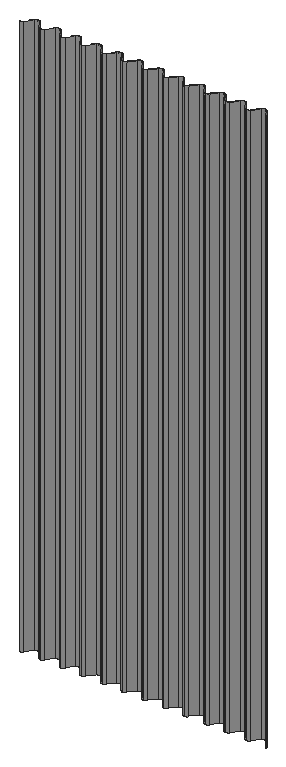
Revit family "Перфорированная панель", category Обобщенные модели, Revit 2021
Family settings
  Может служить основой для арматурных стержней = Нет
  Размер круглого соединителя = Использовать диаметр
  Тип детали = Нормальный
  На основе рабочей плоскости = Нет
  Всегда вертикально = Да
  При загрузке вырезать с полостями = Нет
  Общий = Нет
  Точка принадлежности помещению = Нет
Parameters (values of type "44 мм")
  Ширина = 1100 mm
  Т = 18 mm
  Отметка по умолчанию = 0 mm
  Материал = Перфорированный
  Высота [instance] = 2520 mm
  44мм = yes
  32мм = no
  18мм = no
Reference planes
  plane 1 "По центру (Вперед/Назад)": y = 0
  plane 2: z = 0
  plane 3 "По центру (Влево/Вправо)": x = 0
  plane 4: y = 18
  plane 5: y = 9
  plane 6 "Опора": y = 84.806
  plane 7: z = 2520
  plane 8: x = 1100
  plane 9: x = 1100
  plane 10: x = 1150
Forms (mm)
  Extrusion 1, solid, material "Перфорированный" <- "Материал", visible <- "18мм"
    sketch origin (0, 0, 0) x (1, 0, 0) y (0, 1, 0)
      loop
        line (76.158, 5.525) -> (63.536, 13.757)
        arc (63.536, 13.757) -> (46, 18.97) -> (28.464, 13.757) r 32.102
        line (28.464, 13.757) -> (15.842, 5.525)
        arc (15.842, 5.525) -> (8.263, 2.018) -> (0, 0.816) r 29
        line (0, 0.816) -> (0, -0.184)
        arc (0, -0.184) -> (8.548, 1.06) -> (16.388, 4.688) r 30
        line (16.388, 4.688) -> (29.01, 12.919)
        arc (29.01, 12.919) -> (46, 17.97) -> (62.99, 12.919) r 31.102
        line (62.99, 12.919) -> (75.612, 4.688)
        arc (75.612, 4.688) -> (83.452, 1.06) -> (92, -0.184) r 30
        arc (92, -0.184) -> (100.548, 1.06) -> (108.388, 4.688) r 30
        line (108.388, 4.688) -> (121.01, 12.919)
        arc (121.01, 12.919) -> (138, 17.97) -> (154.99, 12.919) r 31.102
        line (154.99, 12.919) -> (167.612, 4.688)
        arc (167.612, 4.688) -> (175.452, 1.06) -> (184, -0.184) r 30
        arc (184, -0.184) -> (192.548, 1.06) -> (200.388, 4.688) r 30
        line (200.388, 4.688) -> (213.01, 12.919)
        arc (213.01, 12.919) -> (230, 17.97) -> (246.99, 12.919) r 31.102
        line (246.99, 12.919) -> (259.612, 4.688)
        arc (259.612, 4.688) -> (267.452, 1.06) -> (276, -0.184) r 30
        arc (276, -0.184) -> (284.548, 1.06) -> (292.388, 4.688) r 30
        line (292.388, 4.688) -> (305.01, 12.919)
        arc (305.01, 12.919) -> (322, 17.97) -> (338.99, 12.919) r 31.102
        line (338.99, 12.919) -> (351.612, 4.688)
        arc (351.612, 4.688) -> (359.452, 1.06) -> (368, -0.184) r 30
        arc (368, -0.184) -> (376.548, 1.06) -> (384.388, 4.688) r 30
        line (384.388, 4.688) -> (397.01, 12.919)
        arc (397.01, 12.919) -> (414, 17.97) -> (430.99, 12.919) r 31.102
        line (430.99, 12.919) -> (443.612, 4.688)
        arc (443.612, 4.688) -> (451.452, 1.06) -> (460, -0.184) r 30
        arc (460, -0.184) -> (468.548, 1.06) -> (476.388, 4.688) r 30
        line (476.388, 4.688) -> (489.01, 12.919)
        arc (489.01, 12.919) -> (506, 17.97) -> (522.99, 12.919) r 31.102
        line (522.99, 12.919) -> (535.612, 4.688)
        arc (535.612, 4.688) -> (543.452, 1.06) -> (552, -0.184) r 30
        arc (552, -0.184) -> (560.548, 1.06) -> (568.388, 4.688) r 30
        line (568.388, 4.688) -> (581.01, 12.919)
        arc (581.01, 12.919) -> (598, 17.97) -> (614.99, 12.919) r 31.102
        line (614.99, 12.919) -> (627.612, 4.688)
        arc (627.612, 4.688) -> (635.452, 1.06) -> (644, -0.184) r 30
        arc (644, -0.184) -> (652.548, 1.06) -> (660.388, 4.688) r 30
        line (660.388, 4.688) -> (673.01, 12.919)
        arc (673.01, 12.919) -> (690, 17.97) -> (706.99, 12.919) r 31.102
        line (706.99, 12.919) -> (719.612, 4.688)
        arc (719.612, 4.688) -> (727.452, 1.06) -> (736, -0.184) r 30
        arc (736, -0.184) -> (744.548, 1.06) -> (752.388, 4.688) r 30
        line (752.388, 4.688) -> (765.01, 12.919)
        arc (765.01, 12.919) -> (782, 17.97) -> (798.99, 12.919) r 31.102
        line (798.99, 12.919) -> (811.612, 4.688)
        arc (811.612, 4.688) -> (819.452, 1.06) -> (828, -0.184) r 30
        arc (828, -0.184) -> (836.548, 1.06) -> (844.388, 4.688) r 30
        line (844.388, 4.688) -> (857.01, 12.919)
        arc (857.01, 12.919) -> (874, 17.97) -> (890.99, 12.919) r 31.102
        line (890.99, 12.919) -> (903.612, 4.688)
        arc (903.612, 4.688) -> (911.452, 1.06) -> (920, -0.184) r 30
        arc (920, -0.184) -> (928.548, 1.06) -> (936.388, 4.688) r 30
        line (936.388, 4.688) -> (949.01, 12.919)
        arc (949.01, 12.919) -> (966, 17.97) -> (982.99, 12.919) r 31.102
        line (982.99, 12.919) -> (995.612, 4.688)
        arc (995.612, 4.688) -> (1003.452, 1.06) -> (1012, -0.184) r 30
        arc (1012, -0.184) -> (1020.548, 1.06) -> (1028.388, 4.688) r 30
        line (1028.388, 4.688) -> (1041.01, 12.919)
        arc (1041.01, 12.919) -> (1058, 17.97) -> (1074.99, 12.919) r 31.102
        line (1074.99, 12.919) -> (1087.612, 4.688)
        arc (1087.612, 4.688) -> (1093.549, 1.695) -> (1100, 0.084) r 30
        line (1100, 0.084) -> (1100, 1.093)
        arc (1100, 1.093) -> (1093.835, 2.656) -> (1088.158, 5.525) r 29
        line (1088.158, 5.525) -> (1075.536, 13.757)
        arc (1075.536, 13.757) -> (1058, 18.97) -> (1040.464, 13.757) r 32.102
        line (1040.464, 13.757) -> (1027.842, 5.525)
        arc (1027.842, 5.525) -> (1020.263, 2.018) -> (1012, 0.816) r 29
        arc (1012, 0.816) -> (1003.737, 2.018) -> (996.158, 5.525) r 29
        line (996.158, 5.525) -> (983.536, 13.757)
        arc (983.536, 13.757) -> (966, 18.97) -> (948.464, 13.757) r 32.102
        line (948.464, 13.757) -> (935.842, 5.525)
        arc (935.842, 5.525) -> (928.263, 2.018) -> (920, 0.816) r 29
        arc (920, 0.816) -> (911.737, 2.018) -> (904.158, 5.525) r 29
        line (904.158, 5.525) -> (891.536, 13.757)
        arc (891.536, 13.757) -> (874, 18.97) -> (856.464, 13.757) r 32.102
        line (856.464, 13.757) -> (843.842, 5.525)
        arc (843.842, 5.525) -> (836.263, 2.018) -> (828, 0.816) r 29
        arc (828, 0.816) -> (819.737, 2.018) -> (812.158, 5.525) r 29
        line (812.158, 5.525) -> (799.536, 13.757)
        arc (799.536, 13.757) -> (782, 18.97) -> (764.464, 13.757) r 32.102
        line (764.464, 13.757) -> (751.842, 5.525)
        arc (751.842, 5.525) -> (744.263, 2.018) -> (736, 0.816) r 29
        arc (736, 0.816) -> (727.737, 2.018) -> (720.158, 5.525) r 29
        line (720.158, 5.525) -> (707.536, 13.757)
        arc (707.536, 13.757) -> (690, 18.97) -> (672.464, 13.757) r 32.102
        line (672.464, 13.757) -> (659.842, 5.525)
        arc (659.842, 5.525) -> (652.263, 2.018) -> (644, 0.816) r 29
        arc (644, 0.816) -> (635.737, 2.018) -> (628.158, 5.525) r 29
        line (628.158, 5.525) -> (615.536, 13.757)
        arc (615.536, 13.757) -> (598, 18.97) -> (580.464, 13.757) r 32.102
        line (580.464, 13.757) -> (567.842, 5.525)
        arc (567.842, 5.525) -> (560.263, 2.018) -> (552, 0.816) r 29
        arc (552, 0.816) -> (543.737, 2.018) -> (536.158, 5.525) r 29
        line (536.158, 5.525) -> (523.536, 13.757)
        arc (523.536, 13.757) -> (506, 18.97) -> (488.464, 13.757) r 32.102
        line (488.464, 13.757) -> (475.842, 5.525)
        arc (475.842, 5.525) -> (468.263, 2.018) -> (460, 0.816) r 29
        arc (460, 0.816) -> (451.737, 2.018) -> (444.158, 5.525) r 29
        line (444.158, 5.525) -> (431.536, 13.757)
        arc (431.536, 13.757) -> (414, 18.97) -> (396.464, 13.757) r 32.102
        line (396.464, 13.757) -> (383.842, 5.525)
        arc (383.842, 5.525) -> (376.263, 2.018) -> (368, 0.816) r 29
        arc (368, 0.816) -> (359.737, 2.018) -> (352.158, 5.525) r 29
        line (352.158, 5.525) -> (339.536, 13.757)
        arc (339.536, 13.757) -> (322, 18.97) -> (304.464, 13.757) r 32.102
        line (304.464, 13.757) -> (291.842, 5.525)
        arc (291.842, 5.525) -> (284.263, 2.018) -> (276, 0.816) r 29
        arc (276, 0.816) -> (267.737, 2.018) -> (260.158, 5.525) r 29
        line (260.158, 5.525) -> (247.536, 13.757)
        arc (247.536, 13.757) -> (230, 18.97) -> (212.464, 13.757) r 32.102
        line (212.464, 13.757) -> (199.842, 5.525)
        arc (199.842, 5.525) -> (192.263, 2.018) -> (184, 0.816) r 29
        arc (184, 0.816) -> (175.737, 2.018) -> (168.158, 5.525) r 29
        line (168.158, 5.525) -> (155.536, 13.757)
        arc (155.536, 13.757) -> (138, 18.97) -> (120.464, 13.757) r 32.102
        line (120.464, 13.757) -> (107.842, 5.525)
        arc (107.842, 5.525) -> (100.263, 2.018) -> (92, 0.816) r 29
        arc (92, 0.816) -> (83.737, 2.018) -> (76.158, 5.525) r 29
    from 0 to 2520
  Extrusion 2, void, not visible
    sketch origin (0, 84.806, 0) x (1, 0, 0) y (0, 0, 1)
      loop
        circle (1122.758, 20.908) r 15
    from 0 to 150
  Extrusion 3, void, not visible
    sketch origin (-90, 84.806, 0) x (1, 0, 0) y (0, 0, 1)
      loop
        circle (1122.758, 20.908) r 15
    from 0 to 150
  Extrusion 4, void, not visible
    sketch origin (-180, 84.806, 0) x (1, 0, 0) y (0, 0, 1)
      loop
        circle (1122.758, 20.908) r 15
    from 0 to 150
  Extrusion 5, void, not visible
    sketch origin (-270, 84.806, 0) x (1, 0, 0) y (0, 0, 1)
      loop
        circle (1122.758, 20.908) r 15
    from 0 to 150
  Extrusion 6, void, not visible
    sketch origin (-360, 84.806, 0) x (1, 0, 0) y (0, 0, 1)
      loop
        circle (1122.758, 20.908) r 15
    from 0 to 150
  Extrusion 7, void, not visible
    sketch origin (-450, 84.806, 0) x (1, 0, 0) y (0, 0, 1)
      loop
        circle (1122.758, 20.908) r 15
    from 0 to 150
  Extrusion 8, void, not visible
    sketch origin (-540, 84.806, 0) x (1, 0, 0) y (0, 0, 1)
      loop
        circle (1122.758, 20.908) r 15
    from 0 to 150
  Extrusion 9, void, not visible
    sketch origin (-630, 84.806, 0) x (1, 0, 0) y (0, 0, 1)
      loop
        circle (1122.758, 20.908) r 15
    from 0 to 150
  Extrusion 10, void, not visible
    sketch origin (-720, 84.806, 0) x (1, 0, 0) y (0, 0, 1)
      loop
        circle (1122.758, 20.908) r 15
    from 0 to 150
  Extrusion 11, void, not visible
    sketch origin (-810, 84.806, 0) x (1, 0, 0) y (0, 0, 1)
      loop
        circle (1122.758, 20.908) r 15
    from 0 to 150
  Extrusion 12, void, not visible
    sketch origin (-900, 84.806, 0) x (1, 0, 0) y (0, 0, 1)
      loop
        circle (1122.758, 20.908) r 15
    from 0 to 150
  Extrusion 13, void, not visible
    sketch origin (-990, 84.806, 0) x (1, 0, 0) y (0, 0, 1)
      loop
        circle (1122.758, 20.908) r 15
    from 0 to 150
  Extrusion 14, void, not visible
    sketch origin (-1080, 84.806, 0) x (1, 0, 0) y (0, 0, 1)
      loop
        circle (1122.758, 20.908) r 15
    from 0 to 150
  Extrusion 15, void, not visible
    sketch origin (0, 84.806, 75) x (1, 0, 0) y (0, 0, 1)
      loop
        circle (1122.758, 20.908) r 15
    from 0 to 150
  Extrusion 16, void, not visible
    sketch origin (-90, 84.806, 75) x (1, 0, 0) y (0, 0, 1)
      loop
        circle (1122.758, 20.908) r 15
    from 0 to 150
  Extrusion 17, void, not visible
    sketch origin (-180, 84.806, 75) x (1, 0, 0) y (0, 0, 1)
      loop
        circle (1122.758, 20.908) r 15
    from 0 to 150
  Extrusion 18, void, not visible
    sketch origin (-270, 84.806, 75) x (1, 0, 0) y (0, 0, 1)
      loop
        circle (1122.758, 20.908) r 15
    from 0 to 150
  Extrusion 19, void, not visible
    sketch origin (-360, 84.806, 75) x (1, 0, 0) y (0, 0, 1)
      loop
        circle (1122.758, 20.908) r 15
    from 0 to 150
  Extrusion 20, void, not visible
    sketch origin (-450, 84.806, 75) x (1, 0, 0) y (0, 0, 1)
      loop
        circle (1122.758, 20.908) r 15
    from 0 to 150
  Extrusion 21, void, not visible
    sketch origin (-540, 84.806, 75) x (1, 0, 0) y (0, 0, 1)
      loop
        circle (1122.758, 20.908) r 15
    from 0 to 150
  Extrusion 22, void, not visible
    sketch origin (-630, 84.806, 75) x (1, 0, 0) y (0, 0, 1)
      loop
        circle (1122.758, 20.908) r 15
    from 0 to 150
  Extrusion 23, void, not visible
    sketch origin (-720, 84.806, 75) x (1, 0, 0) y (0, 0, 1)
      loop
        circle (1122.758, 20.908) r 15
    from 0 to 150
  Extrusion 24, void, not visible
    sketch origin (-810, 84.806, 75) x (1, 0, 0) y (0, 0, 1)
      loop
        circle (1122.758, 20.908) r 15
    from 0 to 150
  Extrusion 25, void, not visible
    sketch origin (-900, 84.806, 75) x (1, 0, 0) y (0, 0, 1)
      loop
        circle (1122.758, 20.908) r 15
    from 0 to 150
  Extrusion 26, void, not visible
    sketch origin (-990, 84.806, 75) x (1, 0, 0) y (0, 0, 1)
      loop
        circle (1122.758, 20.908) r 15
    from 0 to 150
  Extrusion 27, void, not visible
    sketch origin (-1080, 84.806, 75) x (1, 0, 0) y (0, 0, 1)
      loop
        circle (1122.758, 20.908) r 15
    from 0 to 150
  Extrusion 28, void, not visible
    sketch origin (0, 84.806, 150) x (1, 0, 0) y (0, 0, 1)
      loop
        circle (1122.758, 20.908) r 15
    from 0 to 150
  Extrusion 29, void, not visible
    sketch origin (-90, 84.806, 150) x (1, 0, 0) y (0, 0, 1)
      loop
        circle (1122.758, 20.908) r 15
    from 0 to 150
  Extrusion 30, void, not visible
    sketch origin (-180, 84.806, 150) x (1, 0, 0) y (0, 0, 1)
      loop
        circle (1122.758, 20.908) r 15
    from 0 to 150
  Extrusion 31, void, not visible
    sketch origin (-270, 84.806, 150) x (1, 0, 0) y (0, 0, 1)
      loop
        circle (1122.758, 20.908) r 15
    from 0 to 150
  Extrusion 32, void, not visible
    sketch origin (-360, 84.806, 150) x (1, 0, 0) y (0, 0, 1)
      loop
        circle (1122.758, 20.908) r 15
    from 0 to 150
  Extrusion 33, void, not visible
    sketch origin (-450, 84.806, 150) x (1, 0, 0) y (0, 0, 1)
      loop
        circle (1122.758, 20.908) r 15
    from 0 to 150
  Extrusion 34, void, not visible
    sketch origin (-540, 84.806, 150) x (1, 0, 0) y (0, 0, 1)
      loop
        circle (1122.758, 20.908) r 15
    from 0 to 150
  Extrusion 35, void, not visible
    sketch origin (-630, 84.806, 150) x (1, 0, 0) y (0, 0, 1)
      loop
        circle (1122.758, 20.908) r 15
    from 0 to 150
  Extrusion 36, void, not visible
    sketch origin (-720, 84.806, 150) x (1, 0, 0) y (0, 0, 1)
      loop
        circle (1122.758, 20.908) r 15
    from 0 to 150
  Extrusion 37, void, not visible
    sketch origin (-810, 84.806, 150) x (1, 0, 0) y (0, 0, 1)
      loop
        circle (1122.758, 20.908) r 15
    from 0 to 150
  Extrusion 38, void, not visible
    sketch origin (-900, 84.806, 150) x (1, 0, 0) y (0, 0, 1)
      loop
        circle (1122.758, 20.908) r 15
    from 0 to 150
  Extrusion 39, void, not visible
    sketch origin (-990, 84.806, 150) x (1, 0, 0) y (0, 0, 1)
      loop
        circle (1122.758, 20.908) r 15
    from 0 to 150
  Extrusion 40, void, not visible
    sketch origin (-1080, 84.806, 150) x (1, 0, 0) y (0, 0, 1)
      loop
        circle (1122.758, 20.908) r 15
    from 0 to 150
  Extrusion 41, void, not visible
    sketch origin (0, 84.806, 225) x (1, 0, 0) y (0, 0, 1)
      loop
        circle (1122.758, 20.908) r 15
    from 0 to 150
  Extrusion 42, void, not visible
    sketch origin (-90, 84.806, 225) x (1, 0, 0) y (0, 0, 1)
      loop
        circle (1122.758, 20.908) r 15
    from 0 to 150
  Extrusion 43, void, not visible
    sketch origin (-180, 84.806, 225) x (1, 0, 0) y (0, 0, 1)
      loop
        circle (1122.758, 20.908) r 15
    from 0 to 150
  Extrusion 44, void, not visible
    sketch origin (-270, 84.806, 225) x (1, 0, 0) y (0, 0, 1)
      loop
        circle (1122.758, 20.908) r 15
    from 0 to 150
  Extrusion 45, void, not visible
    sketch origin (-360, 84.806, 225) x (1, 0, 0) y (0, 0, 1)
      loop
        circle (1122.758, 20.908) r 15
    from 0 to 150
  Extrusion 46, void, not visible
    sketch origin (-450, 84.806, 225) x (1, 0, 0) y (0, 0, 1)
      loop
        circle (1122.758, 20.908) r 15
    from 0 to 150
  Extrusion 47, void, not visible
    sketch origin (-540, 84.806, 225) x (1, 0, 0) y (0, 0, 1)
      loop
        circle (1122.758, 20.908) r 15
    from 0 to 150
  Extrusion 48, void, not visible
    sketch origin (-630, 84.806, 225) x (1, 0, 0) y (0, 0, 1)
      loop
        circle (1122.758, 20.908) r 15
    from 0 to 150
  Extrusion 49, void, not visible
    sketch origin (-720, 84.806, 225) x (1, 0, 0) y (0, 0, 1)
      loop
        circle (1122.758, 20.908) r 15
    from 0 to 150
  Extrusion 50, void, not visible
    sketch origin (-810, 84.806, 225) x (1, 0, 0) y (0, 0, 1)
      loop
        circle (1122.758, 20.908) r 15
    from 0 to 150
  Extrusion 51, void, not visible
    sketch origin (-900, 84.806, 225) x (1, 0, 0) y (0, 0, 1)
      loop
        circle (1122.758, 20.908) r 15
    from 0 to 150
  Extrusion 52, void, not visible
    sketch origin (-990, 84.806, 225) x (1, 0, 0) y (0, 0, 1)
      loop
        circle (1122.758, 20.908) r 15
    from 0 to 150
  Extrusion 53, void, not visible
    sketch origin (-1080, 84.806, 225) x (1, 0, 0) y (0, 0, 1)
      loop
        circle (1122.758, 20.908) r 15
    from 0 to 150
  Extrusion 54, void, not visible
    sketch origin (0, 84.806, 300) x (1, 0, 0) y (0, 0, 1)
      loop
        circle (1122.758, 20.908) r 15
    from 0 to 150
  Extrusion 55, void, not visible
    sketch origin (-90, 84.806, 300) x (1, 0, 0) y (0, 0, 1)
      loop
        circle (1122.758, 20.908) r 15
    from 0 to 150
  Extrusion 56, void, not visible
    sketch origin (-180, 84.806, 300) x (1, 0, 0) y (0, 0, 1)
      loop
        circle (1122.758, 20.908) r 15
    from 0 to 150
  Extrusion 57, void, not visible
    sketch origin (-270, 84.806, 300) x (1, 0, 0) y (0, 0, 1)
      loop
        circle (1122.758, 20.908) r 15
    from 0 to 150
  Extrusion 58, void, not visible
    sketch origin (-360, 84.806, 300) x (1, 0, 0) y (0, 0, 1)
      loop
        circle (1122.758, 20.908) r 15
    from 0 to 150
  Extrusion 59, void, not visible
    sketch origin (-450, 84.806, 300) x (1, 0, 0) y (0, 0, 1)
      loop
        circle (1122.758, 20.908) r 15
    from 0 to 150
  Extrusion 60, void, not visible
    sketch origin (-540, 84.806, 300) x (1, 0, 0) y (0, 0, 1)
      loop
        circle (1122.758, 20.908) r 15
    from 0 to 150
  Extrusion 61, void, not visible
    sketch origin (-630, 84.806, 300) x (1, 0, 0) y (0, 0, 1)
      loop
        circle (1122.758, 20.908) r 15
    from 0 to 150
  Extrusion 62, void, not visible
    sketch origin (-720, 84.806, 300) x (1, 0, 0) y (0, 0, 1)
      loop
        circle (1122.758, 20.908) r 15
    from 0 to 150
  Extrusion 63, void, not visible
    sketch origin (-810, 84.806, 300) x (1, 0, 0) y (0, 0, 1)
      loop
        circle (1122.758, 20.908) r 15
    from 0 to 150
  Extrusion 64, void, not visible
    sketch origin (-900, 84.806, 300) x (1, 0, 0) y (0, 0, 1)
      loop
        circle (1122.758, 20.908) r 15
    from 0 to 150
  Extrusion 65, void, not visible
    sketch origin (-990, 84.806, 300) x (1, 0, 0) y (0, 0, 1)
      loop
        circle (1122.758, 20.908) r 15
    from 0 to 150
  Extrusion 66, void, not visible
    sketch origin (-1080, 84.806, 300) x (1, 0, 0) y (0, 0, 1)
      loop
        circle (1122.758, 20.908) r 15
    from 0 to 150
  Extrusion 67, void, not visible
    sketch origin (0, 84.806, 375) x (1, 0, 0) y (0, 0, 1)
      loop
        circle (1122.758, 20.908) r 15
    from 0 to 150
  Extrusion 68, void, not visible
    sketch origin (-90, 84.806, 375) x (1, 0, 0) y (0, 0, 1)
      loop
        circle (1122.758, 20.908) r 15
    from 0 to 150
  Extrusion 69, void, not visible
    sketch origin (-180, 84.806, 375) x (1, 0, 0) y (0, 0, 1)
      loop
        circle (1122.758, 20.908) r 15
    from 0 to 150
  Extrusion 70, void, not visible
    sketch origin (-270, 84.806, 375) x (1, 0, 0) y (0, 0, 1)
      loop
        circle (1122.758, 20.908) r 15
    from 0 to 150
  Extrusion 71, void, not visible
    sketch origin (-360, 84.806, 375) x (1, 0, 0) y (0, 0, 1)
      loop
        circle (1122.758, 20.908) r 15
    from 0 to 150
  Extrusion 72, void, not visible
    sketch origin (-450, 84.806, 375) x (1, 0, 0) y (0, 0, 1)
      loop
        circle (1122.758, 20.908) r 15
    from 0 to 150
  Extrusion 73, void, not visible
    sketch origin (-540, 84.806, 375) x (1, 0, 0) y (0, 0, 1)
      loop
        circle (1122.758, 20.908) r 15
    from 0 to 150
  Extrusion 74, void, not visible
    sketch origin (-630, 84.806, 375) x (1, 0, 0) y (0, 0, 1)
      loop
        circle (1122.758, 20.908) r 15
    from 0 to 150
  Extrusion 75, void, not visible
    sketch origin (-720, 84.806, 375) x (1, 0, 0) y (0, 0, 1)
      loop
        circle (1122.758, 20.908) r 15
    from 0 to 150
  Extrusion 76, void, not visible
    sketch origin (-810, 84.806, 375) x (1, 0, 0) y (0, 0, 1)
      loop
        circle (1122.758, 20.908) r 15
    from 0 to 150
  Extrusion 77, void, not visible
    sketch origin (-900, 84.806, 375) x (1, 0, 0) y (0, 0, 1)
      loop
        circle (1122.758, 20.908) r 15
    from 0 to 150
  Extrusion 78, void, not visible
    sketch origin (-990, 84.806, 375) x (1, 0, 0) y (0, 0, 1)
      loop
        circle (1122.758, 20.908) r 15
    from 0 to 150
  Extrusion 79, void, not visible
    sketch origin (-1080, 84.806, 375) x (1, 0, 0) y (0, 0, 1)
      loop
        circle (1122.758, 20.908) r 15
    from 0 to 150
  Extrusion 80, void, not visible
    sketch origin (0, 84.806, 450) x (1, 0, 0) y (0, 0, 1)
      loop
        circle (1122.758, 20.908) r 15
    from 0 to 150
  Extrusion 81, void, not visible
    sketch origin (-90, 84.806, 450) x (1, 0, 0) y (0, 0, 1)
      loop
        circle (1122.758, 20.908) r 15
    from 0 to 150
  Extrusion 82, void, not visible
    sketch origin (-180, 84.806, 450) x (1, 0, 0) y (0, 0, 1)
      loop
        circle (1122.758, 20.908) r 15
    from 0 to 150
  Extrusion 83, void, not visible
    sketch origin (-270, 84.806, 450) x (1, 0, 0) y (0, 0, 1)
      loop
        circle (1122.758, 20.908) r 15
    from 0 to 150
  Extrusion 84, void, not visible
    sketch origin (-360, 84.806, 450) x (1, 0, 0) y (0, 0, 1)
      loop
        circle (1122.758, 20.908) r 15
    from 0 to 150
  Extrusion 85, void, not visible
    sketch origin (-450, 84.806, 450) x (1, 0, 0) y (0, 0, 1)
      loop
        circle (1122.758, 20.908) r 15
    from 0 to 150
  Extrusion 86, void, not visible
    sketch origin (-540, 84.806, 450) x (1, 0, 0) y (0, 0, 1)
      loop
        circle (1122.758, 20.908) r 15
    from 0 to 150
  Extrusion 87, void, not visible
    sketch origin (-630, 84.806, 450) x (1, 0, 0) y (0, 0, 1)
      loop
        circle (1122.758, 20.908) r 15
    from 0 to 150
  Extrusion 88, void, not visible
    sketch origin (-720, 84.806, 450) x (1, 0, 0) y (0, 0, 1)
      loop
        circle (1122.758, 20.908) r 15
    from 0 to 150
  Extrusion 89, void, not visible
    sketch origin (-810, 84.806, 450) x (1, 0, 0) y (0, 0, 1)
      loop
        circle (1122.758, 20.908) r 15
    from 0 to 150
  Extrusion 90, void, not visible
    sketch origin (-900, 84.806, 450) x (1, 0, 0) y (0, 0, 1)
      loop
        circle (1122.758, 20.908) r 15
    from 0 to 150
  Extrusion 91, void, not visible
    sketch origin (-990, 84.806, 450) x (1, 0, 0) y (0, 0, 1)
      loop
        circle (1122.758, 20.908) r 15
    from 0 to 150
  Extrusion 92, void, not visible
    sketch origin (-1080, 84.806, 450) x (1, 0, 0) y (0, 0, 1)
      loop
        circle (1122.758, 20.908) r 15
    from 0 to 150
  Extrusion 93, void, not visible
    sketch origin (0, 84.806, 525) x (1, 0, 0) y (0, 0, 1)
      loop
        circle (1122.758, 20.908) r 15
    from 0 to 150
  Extrusion 94, void, not visible
    sketch origin (-90, 84.806, 525) x (1, 0, 0) y (0, 0, 1)
      loop
        circle (1122.758, 20.908) r 15
    from 0 to 150
  Extrusion 95, void, not visible
    sketch origin (-180, 84.806, 525) x (1, 0, 0) y (0, 0, 1)
      loop
        circle (1122.758, 20.908) r 15
    from 0 to 150
  Extrusion 96, void, not visible
    sketch origin (-270, 84.806, 525) x (1, 0, 0) y (0, 0, 1)
      loop
        circle (1122.758, 20.908) r 15
    from 0 to 150
  Extrusion 97, void, not visible
    sketch origin (-360, 84.806, 525) x (1, 0, 0) y (0, 0, 1)
      loop
        circle (1122.758, 20.908) r 15
    from 0 to 150
  Extrusion 98, void, not visible
    sketch origin (-450, 84.806, 525) x (1, 0, 0) y (0, 0, 1)
      loop
        circle (1122.758, 20.908) r 15
    from 0 to 150
  Extrusion 99, void, not visible
    sketch origin (-540, 84.806, 525) x (1, 0, 0) y (0, 0, 1)
      loop
        circle (1122.758, 20.908) r 15
    from 0 to 150
  Extrusion 100, void, not visible
    sketch origin (-630, 84.806, 525) x (1, 0, 0) y (0, 0, 1)
      loop
        circle (1122.758, 20.908) r 15
    from 0 to 150
  Extrusion 101, void, not visible
    sketch origin (-720, 84.806, 525) x (1, 0, 0) y (0, 0, 1)
      loop
        circle (1122.758, 20.908) r 15
    from 0 to 150
  Extrusion 102, void, not visible
    sketch origin (-810, 84.806, 525) x (1, 0, 0) y (0, 0, 1)
      loop
        circle (1122.758, 20.908) r 15
    from 0 to 150
  Extrusion 103, void, not visible
    sketch origin (-900, 84.806, 525) x (1, 0, 0) y (0, 0, 1)
      loop
        circle (1122.758, 20.908) r 15
    from 0 to 150
  Extrusion 104, void, not visible
    sketch origin (-990, 84.806, 525) x (1, 0, 0) y (0, 0, 1)
      loop
        circle (1122.758, 20.908) r 15
    from 0 to 150
  Extrusion 105, void, not visible
    sketch origin (-1080, 84.806, 525) x (1, 0, 0) y (0, 0, 1)
      loop
        circle (1122.758, 20.908) r 15
    from 0 to 150
  Extrusion 106, void, not visible
    sketch origin (0, 84.806, 600) x (1, 0, 0) y (0, 0, 1)
      loop
        circle (1122.758, 20.908) r 15
    from 0 to 150
  Extrusion 107, void, not visible
    sketch origin (-90, 84.806, 600) x (1, 0, 0) y (0, 0, 1)
      loop
        circle (1122.758, 20.908) r 15
    from 0 to 150
  Extrusion 108, void, not visible
    sketch origin (-180, 84.806, 600) x (1, 0, 0) y (0, 0, 1)
      loop
        circle (1122.758, 20.908) r 15
    from 0 to 150
  Extrusion 109, void, not visible
    sketch origin (-270, 84.806, 600) x (1, 0, 0) y (0, 0, 1)
      loop
        circle (1122.758, 20.908) r 15
    from 0 to 150
  Extrusion 110, void, not visible
    sketch origin (-360, 84.806, 600) x (1, 0, 0) y (0, 0, 1)
      loop
        circle (1122.758, 20.908) r 15
    from 0 to 150
  Extrusion 111, void, not visible
    sketch origin (-450, 84.806, 600) x (1, 0, 0) y (0, 0, 1)
      loop
        circle (1122.758, 20.908) r 15
    from 0 to 150
  Extrusion 112, void, not visible
    sketch origin (-540, 84.806, 600) x (1, 0, 0) y (0, 0, 1)
      loop
        circle (1122.758, 20.908) r 15
    from 0 to 150
  Extrusion 113, void, not visible
    sketch origin (-630, 84.806, 600) x (1, 0, 0) y (0, 0, 1)
      loop
        circle (1122.758, 20.908) r 15
    from 0 to 150
  Extrusion 114, void, not visible
    sketch origin (-720, 84.806, 600) x (1, 0, 0) y (0, 0, 1)
      loop
        circle (1122.758, 20.908) r 15
    from 0 to 150
  Extrusion 115, void, not visible
    sketch origin (-810, 84.806, 600) x (1, 0, 0) y (0, 0, 1)
      loop
        circle (1122.758, 20.908) r 15
    from 0 to 150
  Extrusion 116, void, not visible
    sketch origin (-900, 84.806, 600) x (1, 0, 0) y (0, 0, 1)
      loop
        circle (1122.758, 20.908) r 15
    from 0 to 150
  Extrusion 117, void, not visible
    sketch origin (-990, 84.806, 600) x (1, 0, 0) y (0, 0, 1)
      loop
        circle (1122.758, 20.908) r 15
    from 0 to 150
  Extrusion 118, void, not visible
    sketch origin (-1080, 84.806, 600) x (1, 0, 0) y (0, 0, 1)
      loop
        circle (1122.758, 20.908) r 15
    from 0 to 150
  Extrusion 119, void, not visible
    sketch origin (0, 84.806, 675) x (1, 0, 0) y (0, 0, 1)
      loop
        circle (1122.758, 20.908) r 15
    from 0 to 150
  Extrusion 120, void, not visible
    sketch origin (-90, 84.806, 675) x (1, 0, 0) y (0, 0, 1)
      loop
        circle (1122.758, 20.908) r 15
    from 0 to 150
  Extrusion 121, void, not visible
    sketch origin (-180, 84.806, 675) x (1, 0, 0) y (0, 0, 1)
      loop
        circle (1122.758, 20.908) r 15
    from 0 to 150
  Extrusion 122, void, not visible
    sketch origin (-270, 84.806, 675) x (1, 0, 0) y (0, 0, 1)
      loop
        circle (1122.758, 20.908) r 15
    from 0 to 150
  Extrusion 123, void, not visible
    sketch origin (-360, 84.806, 675) x (1, 0, 0) y (0, 0, 1)
      loop
        circle (1122.758, 20.908) r 15
    from 0 to 150
  Extrusion 124, void, not visible
    sketch origin (-450, 84.806, 675) x (1, 0, 0) y (0, 0, 1)
      loop
        circle (1122.758, 20.908) r 15
    from 0 to 150
  Extrusion 125, void, not visible
    sketch origin (-540, 84.806, 675) x (1, 0, 0) y (0, 0, 1)
      loop
        circle (1122.758, 20.908) r 15
    from 0 to 150
  Extrusion 126, void, not visible
    sketch origin (-630, 84.806, 675) x (1, 0, 0) y (0, 0, 1)
      loop
        circle (1122.758, 20.908) r 15
    from 0 to 150
  Extrusion 127, void, not visible
    sketch origin (-720, 84.806, 675) x (1, 0, 0) y (0, 0, 1)
      loop
        circle (1122.758, 20.908) r 15
    from 0 to 150
  Extrusion 128, void, not visible
    sketch origin (-810, 84.806, 675) x (1, 0, 0) y (0, 0, 1)
      loop
        circle (1122.758, 20.908) r 15
    from 0 to 150
  Extrusion 129, void, not visible
    sketch origin (-900, 84.806, 675) x (1, 0, 0) y (0, 0, 1)
      loop
        circle (1122.758, 20.908) r 15
    from 0 to 150
  Extrusion 130, void, not visible
    sketch origin (-990, 84.806, 675) x (1, 0, 0) y (0, 0, 1)
      loop
        circle (1122.758, 20.908) r 15
    from 0 to 150
  Extrusion 131, void, not visible
    sketch origin (-1080, 84.806, 675) x (1, 0, 0) y (0, 0, 1)
      loop
        circle (1122.758, 20.908) r 15
    from 0 to 150
  Extrusion 132, void, not visible
    sketch origin (0, 84.806, 750) x (1, 0, 0) y (0, 0, 1)
      loop
        circle (1122.758, 20.908) r 15
    from 0 to 150
  Extrusion 133, void, not visible
    sketch origin (-90, 84.806, 750) x (1, 0, 0) y (0, 0, 1)
      loop
        circle (1122.758, 20.908) r 15
    from 0 to 150
  Extrusion 134, void, not visible
    sketch origin (-180, 84.806, 750) x (1, 0, 0) y (0, 0, 1)
      loop
        circle (1122.758, 20.908) r 15
    from 0 to 150
  Extrusion 135, void, not visible
    sketch origin (-270, 84.806, 750) x (1, 0, 0) y (0, 0, 1)
      loop
        circle (1122.758, 20.908) r 15
    from 0 to 150
  Extrusion 136, void, not visible
    sketch origin (-360, 84.806, 750) x (1, 0, 0) y (0, 0, 1)
      loop
        circle (1122.758, 20.908) r 15
    from 0 to 150
  Extrusion 137, void, not visible
    sketch origin (-450, 84.806, 750) x (1, 0, 0) y (0, 0, 1)
      loop
        circle (1122.758, 20.908) r 15
    from 0 to 150
  Extrusion 138, void, not visible
    sketch origin (-540, 84.806, 750) x (1, 0, 0) y (0, 0, 1)
      loop
        circle (1122.758, 20.908) r 15
    from 0 to 150
  Extrusion 139, void, not visible
    sketch origin (-630, 84.806, 750) x (1, 0, 0) y (0, 0, 1)
      loop
        circle (1122.758, 20.908) r 15
    from 0 to 150
  Extrusion 140, void, not visible
    sketch origin (-720, 84.806, 750) x (1, 0, 0) y (0, 0, 1)
      loop
        circle (1122.758, 20.908) r 15
    from 0 to 150
  Extrusion 141, void, not visible
    sketch origin (-810, 84.806, 750) x (1, 0, 0) y (0, 0, 1)
      loop
        circle (1122.758, 20.908) r 15
    from 0 to 150
  Extrusion 142, void, not visible
    sketch origin (-900, 84.806, 750) x (1, 0, 0) y (0, 0, 1)
      loop
        circle (1122.758, 20.908) r 15
    from 0 to 150
  Extrusion 143, void, not visible
    sketch origin (-990, 84.806, 750) x (1, 0, 0) y (0, 0, 1)
      loop
        circle (1122.758, 20.908) r 15
    from 0 to 150
  Extrusion 144, void, not visible
    sketch origin (-1080, 84.806, 750) x (1, 0, 0) y (0, 0, 1)
      loop
        circle (1122.758, 20.908) r 15
    from 0 to 150
  Extrusion 145, void, not visible
    sketch origin (0, 84.806, 825) x (1, 0, 0) y (0, 0, 1)
      loop
        circle (1122.758, 20.908) r 15
    from 0 to 150
  Extrusion 146, void, not visible
    sketch origin (-90, 84.806, 825) x (1, 0, 0) y (0, 0, 1)
      loop
        circle (1122.758, 20.908) r 15
    from 0 to 150
  Extrusion 147, void, not visible
    sketch origin (-180, 84.806, 825) x (1, 0, 0) y (0, 0, 1)
      loop
        circle (1122.758, 20.908) r 15
    from 0 to 150
  Extrusion 148, void, not visible
    sketch origin (-270, 84.806, 825) x (1, 0, 0) y (0, 0, 1)
      loop
        circle (1122.758, 20.908) r 15
    from 0 to 150
  Extrusion 149, void, not visible
    sketch origin (-360, 84.806, 825) x (1, 0, 0) y (0, 0, 1)
      loop
        circle (1122.758, 20.908) r 15
    from 0 to 150
  Extrusion 150, void, not visible
    sketch origin (-450, 84.806, 825) x (1, 0, 0) y (0, 0, 1)
      loop
        circle (1122.758, 20.908) r 15
    from 0 to 150
  Extrusion 151, void, not visible
    sketch origin (-540, 84.806, 825) x (1, 0, 0) y (0, 0, 1)
      loop
        circle (1122.758, 20.908) r 15
    from 0 to 150
  Extrusion 152, void, not visible
    sketch origin (-630, 84.806, 825) x (1, 0, 0) y (0, 0, 1)
      loop
        circle (1122.758, 20.908) r 15
    from 0 to 150
  Extrusion 153, void, not visible
    sketch origin (-720, 84.806, 825) x (1, 0, 0) y (0, 0, 1)
      loop
        circle (1122.758, 20.908) r 15
    from 0 to 150
  Extrusion 154, void, not visible
    sketch origin (-810, 84.806, 825) x (1, 0, 0) y (0, 0, 1)
      loop
        circle (1122.758, 20.908) r 15
    from 0 to 150
  Extrusion 155, void, not visible
    sketch origin (-900, 84.806, 825) x (1, 0, 0) y (0, 0, 1)
      loop
        circle (1122.758, 20.908) r 15
    from 0 to 150
  Extrusion 156, void, not visible
    sketch origin (-990, 84.806, 825) x (1, 0, 0) y (0, 0, 1)
      loop
        circle (1122.758, 20.908) r 15
    from 0 to 150
  Extrusion 157, void, not visible
    sketch origin (-1080, 84.806, 825) x (1, 0, 0) y (0, 0, 1)
      loop
        circle (1122.758, 20.908) r 15
    from 0 to 150
  Extrusion 158, void, not visible
    sketch origin (0, 84.806, 900) x (1, 0, 0) y (0, 0, 1)
      loop
        circle (1122.758, 20.908) r 15
    from 0 to 150
  Extrusion 159, void, not visible
    sketch origin (-90, 84.806, 900) x (1, 0, 0) y (0, 0, 1)
      loop
        circle (1122.758, 20.908) r 15
    from 0 to 150
  Extrusion 160, void, not visible
    sketch origin (-180, 84.806, 900) x (1, 0, 0) y (0, 0, 1)
      loop
        circle (1122.758, 20.908) r 15
    from 0 to 150
  Extrusion 161, void, not visible
    sketch origin (-270, 84.806, 900) x (1, 0, 0) y (0, 0, 1)
      loop
        circle (1122.758, 20.908) r 15
    from 0 to 150
  Extrusion 162, void, not visible
    sketch origin (-360, 84.806, 900) x (1, 0, 0) y (0, 0, 1)
      loop
        circle (1122.758, 20.908) r 15
    from 0 to 150
  Extrusion 163, void, not visible
    sketch origin (-450, 84.806, 900) x (1, 0, 0) y (0, 0, 1)
      loop
        circle (1122.758, 20.908) r 15
    from 0 to 150
  Extrusion 164, void, not visible
    sketch origin (-540, 84.806, 900) x (1, 0, 0) y (0, 0, 1)
      loop
        circle (1122.758, 20.908) r 15
    from 0 to 150
  Extrusion 165, void, not visible
    sketch origin (-630, 84.806, 900) x (1, 0, 0) y (0, 0, 1)
      loop
        circle (1122.758, 20.908) r 15
    from 0 to 150
  Extrusion 166, void, not visible
    sketch origin (-720, 84.806, 900) x (1, 0, 0) y (0, 0, 1)
      loop
        circle (1122.758, 20.908) r 15
    from 0 to 150
  Extrusion 167, void, not visible
    sketch origin (-810, 84.806, 900) x (1, 0, 0) y (0, 0, 1)
      loop
        circle (1122.758, 20.908) r 15
    from 0 to 150
  Extrusion 168, void, not visible
    sketch origin (-900, 84.806, 900) x (1, 0, 0) y (0, 0, 1)
      loop
        circle (1122.758, 20.908) r 15
    from 0 to 150
  Extrusion 169, void, not visible
    sketch origin (-990, 84.806, 900) x (1, 0, 0) y (0, 0, 1)
      loop
        circle (1122.758, 20.908) r 15
    from 0 to 150
  Extrusion 170, void, not visible
    sketch origin (-1080, 84.806, 900) x (1, 0, 0) y (0, 0, 1)
      loop
        circle (1122.758, 20.908) r 15
    from 0 to 150
  Extrusion 171, void, not visible
    sketch origin (0, 84.806, 975) x (1, 0, 0) y (0, 0, 1)
      loop
        circle (1122.758, 20.908) r 15
    from 0 to 150
  Extrusion 172, void, not visible
    sketch origin (-90, 84.806, 975) x (1, 0, 0) y (0, 0, 1)
      loop
        circle (1122.758, 20.908) r 15
    from 0 to 150
  Extrusion 173, void, not visible
    sketch origin (-180, 84.806, 975) x (1, 0, 0) y (0, 0, 1)
      loop
        circle (1122.758, 20.908) r 15
    from 0 to 150
  Extrusion 174, void, not visible
    sketch origin (-270, 84.806, 975) x (1, 0, 0) y (0, 0, 1)
      loop
        circle (1122.758, 20.908) r 15
    from 0 to 150
  Extrusion 175, void, not visible
    sketch origin (-360, 84.806, 975) x (1, 0, 0) y (0, 0, 1)
      loop
        circle (1122.758, 20.908) r 15
    from 0 to 150
  Extrusion 176, void, not visible
    sketch origin (-450, 84.806, 975) x (1, 0, 0) y (0, 0, 1)
      loop
        circle (1122.758, 20.908) r 15
    from 0 to 150
  Extrusion 177, void, not visible
    sketch origin (-540, 84.806, 975) x (1, 0, 0) y (0, 0, 1)
      loop
        circle (1122.758, 20.908) r 15
    from 0 to 150
  Extrusion 178, void, not visible
    sketch origin (-630, 84.806, 975) x (1, 0, 0) y (0, 0, 1)
      loop
        circle (1122.758, 20.908) r 15
    from 0 to 150
  Extrusion 179, void, not visible
    sketch origin (-720, 84.806, 975) x (1, 0, 0) y (0, 0, 1)
      loop
        circle (1122.758, 20.908) r 15
    from 0 to 150
  Extrusion 180, void, not visible
    sketch origin (-810, 84.806, 975) x (1, 0, 0) y (0, 0, 1)
      loop
        circle (1122.758, 20.908) r 15
    from 0 to 150
  Extrusion 181, void, not visible
    sketch origin (-900, 84.806, 975) x (1, 0, 0) y (0, 0, 1)
      loop
        circle (1122.758, 20.908) r 15
    from 0 to 150
  Extrusion 182, void, not visible
    sketch origin (-990, 84.806, 975) x (1, 0, 0) y (0, 0, 1)
      loop
        circle (1122.758, 20.908) r 15
    from 0 to 150
  Extrusion 183, void, not visible
    sketch origin (-1080, 84.806, 975) x (1, 0, 0) y (0, 0, 1)
      loop
        circle (1122.758, 20.908) r 15
    from 0 to 150
  Extrusion 184, void, not visible
    sketch origin (0, 84.806, 1050) x (1, 0, 0) y (0, 0, 1)
      loop
        circle (1122.758, 20.908) r 15
    from 0 to 150
  Extrusion 185, void, not visible
    sketch origin (-90, 84.806, 1050) x (1, 0, 0) y (0, 0, 1)
      loop
        circle (1122.758, 20.908) r 15
    from 0 to 150
  Extrusion 186, void, not visible
    sketch origin (-180, 84.806, 1050) x (1, 0, 0) y (0, 0, 1)
      loop
        circle (1122.758, 20.908) r 15
    from 0 to 150
  Extrusion 187, void, not visible
    sketch origin (-270, 84.806, 1050) x (1, 0, 0) y (0, 0, 1)
      loop
        circle (1122.758, 20.908) r 15
    from 0 to 150
  Extrusion 188, void, not visible
    sketch origin (-360, 84.806, 1050) x (1, 0, 0) y (0, 0, 1)
      loop
        circle (1122.758, 20.908) r 15
    from 0 to 150
  Extrusion 189, void, not visible
    sketch origin (-450, 84.806, 1050) x (1, 0, 0) y (0, 0, 1)
      loop
        circle (1122.758, 20.908) r 15
    from 0 to 150
  Extrusion 190, void, not visible
    sketch origin (-540, 84.806, 1050) x (1, 0, 0) y (0, 0, 1)
      loop
        circle (1122.758, 20.908) r 15
    from 0 to 150
  Extrusion 191, void, not visible
    sketch origin (-630, 84.806, 1050) x (1, 0, 0) y (0, 0, 1)
      loop
        circle (1122.758, 20.908) r 15
    from 0 to 150
  Extrusion 192, void, not visible
    sketch origin (-720, 84.806, 1050) x (1, 0, 0) y (0, 0, 1)
      loop
        circle (1122.758, 20.908) r 15
    from 0 to 150
  Extrusion 193, void, not visible
    sketch origin (-810, 84.806, 1050) x (1, 0, 0) y (0, 0, 1)
      loop
        circle (1122.758, 20.908) r 15
    from 0 to 150
  Extrusion 194, void, not visible
    sketch origin (-900, 84.806, 1050) x (1, 0, 0) y (0, 0, 1)
      loop
        circle (1122.758, 20.908) r 15
    from 0 to 150
  Extrusion 195, void, not visible
    sketch origin (-990, 84.806, 1050) x (1, 0, 0) y (0, 0, 1)
      loop
        circle (1122.758, 20.908) r 15
    from 0 to 150
  Extrusion 196, void, not visible
    sketch origin (-1080, 84.806, 1050) x (1, 0, 0) y (0, 0, 1)
      loop
        circle (1122.758, 20.908) r 15
    from 0 to 150
  Extrusion 197, void, not visible
    sketch origin (0, 84.806, 1125) x (1, 0, 0) y (0, 0, 1)
      loop
        circle (1122.758, 20.908) r 15
    from 0 to 150
  Extrusion 198, void, not visible
    sketch origin (-90, 84.806, 1125) x (1, 0, 0) y (0, 0, 1)
      loop
        circle (1122.758, 20.908) r 15
    from 0 to 150
  Extrusion 199, void, not visible
    sketch origin (-180, 84.806, 1125) x (1, 0, 0) y (0, 0, 1)
      loop
        circle (1122.758, 20.908) r 15
    from 0 to 150
  Extrusion 200, void, not visible
    sketch origin (-270, 84.806, 1125) x (1, 0, 0) y (0, 0, 1)
      loop
        circle (1122.758, 20.908) r 15
    from 0 to 150
  Extrusion 201, void, not visible
    sketch origin (-360, 84.806, 1125) x (1, 0, 0) y (0, 0, 1)
      loop
        circle (1122.758, 20.908) r 15
    from 0 to 150
  Extrusion 202, void, not visible
    sketch origin (-450, 84.806, 1125) x (1, 0, 0) y (0, 0, 1)
      loop
        circle (1122.758, 20.908) r 15
    from 0 to 150
  Extrusion 203, void, not visible
    sketch origin (-540, 84.806, 1125) x (1, 0, 0) y (0, 0, 1)
      loop
        circle (1122.758, 20.908) r 15
    from 0 to 150
  Extrusion 204, void, not visible
    sketch origin (-630, 84.806, 1125) x (1, 0, 0) y (0, 0, 1)
      loop
        circle (1122.758, 20.908) r 15
    from 0 to 150
  Extrusion 205, void, not visible
    sketch origin (-720, 84.806, 1125) x (1, 0, 0) y (0, 0, 1)
      loop
        circle (1122.758, 20.908) r 15
    from 0 to 150
  Extrusion 206, void, not visible
    sketch origin (-810, 84.806, 1125) x (1, 0, 0) y (0, 0, 1)
      loop
        circle (1122.758, 20.908) r 15
    from 0 to 150
  Extrusion 207, void, not visible
    sketch origin (-900, 84.806, 1125) x (1, 0, 0) y (0, 0, 1)
      loop
        circle (1122.758, 20.908) r 15
    from 0 to 150
  Extrusion 208, void, not visible
    sketch origin (-990, 84.806, 1125) x (1, 0, 0) y (0, 0, 1)
      loop
        circle (1122.758, 20.908) r 15
    from 0 to 150
  Extrusion 209, void, not visible
    sketch origin (-1080, 84.806, 1125) x (1, 0, 0) y (0, 0, 1)
      loop
        circle (1122.758, 20.908) r 15
    from 0 to 150
  Extrusion 210, void, not visible
    sketch origin (0, 84.806, 1200) x (1, 0, 0) y (0, 0, 1)
      loop
        circle (1122.758, 20.908) r 15
    from 0 to 150
  Extrusion 211, void, not visible
    sketch origin (-90, 84.806, 1200) x (1, 0, 0) y (0, 0, 1)
      loop
        circle (1122.758, 20.908) r 15
    from 0 to 150
  Extrusion 212, void, not visible
    sketch origin (-180, 84.806, 1200) x (1, 0, 0) y (0, 0, 1)
      loop
        circle (1122.758, 20.908) r 15
    from 0 to 150
  Extrusion 213, void, not visible
    sketch origin (-270, 84.806, 1200) x (1, 0, 0) y (0, 0, 1)
      loop
        circle (1122.758, 20.908) r 15
    from 0 to 150
  Extrusion 214, void, not visible
    sketch origin (-360, 84.806, 1200) x (1, 0, 0) y (0, 0, 1)
      loop
        circle (1122.758, 20.908) r 15
    from 0 to 150
  Extrusion 215, void, not visible
    sketch origin (-450, 84.806, 1200) x (1, 0, 0) y (0, 0, 1)
      loop
        circle (1122.758, 20.908) r 15
    from 0 to 150
  Extrusion 216, void, not visible
    sketch origin (-540, 84.806, 1200) x (1, 0, 0) y (0, 0, 1)
      loop
        circle (1122.758, 20.908) r 15
    from 0 to 150
  Extrusion 217, void, not visible
    sketch origin (-630, 84.806, 1200) x (1, 0, 0) y (0, 0, 1)
      loop
        circle (1122.758, 20.908) r 15
    from 0 to 150
  Extrusion 218, void, not visible
    sketch origin (-720, 84.806, 1200) x (1, 0, 0) y (0, 0, 1)
      loop
        circle (1122.758, 20.908) r 15
    from 0 to 150
  Extrusion 219, void, not visible
    sketch origin (-810, 84.806, 1200) x (1, 0, 0) y (0, 0, 1)
      loop
        circle (1122.758, 20.908) r 15
    from 0 to 150
  Extrusion 220, void, not visible
    sketch origin (-900, 84.806, 1200) x (1, 0, 0) y (0, 0, 1)
      loop
        circle (1122.758, 20.908) r 15
    from 0 to 150
  Extrusion 221, void, not visible
    sketch origin (-990, 84.806, 1200) x (1, 0, 0) y (0, 0, 1)
      loop
        circle (1122.758, 20.908) r 15
    from 0 to 150
  Extrusion 222, void, not visible
    sketch origin (-1080, 84.806, 1200) x (1, 0, 0) y (0, 0, 1)
      loop
        circle (1122.758, 20.908) r 15
    from 0 to 150
  Extrusion 223, void, not visible
    sketch origin (0, 84.806, 1275) x (1, 0, 0) y (0, 0, 1)
      loop
        circle (1122.758, 20.908) r 15
    from 0 to 150
  Extrusion 224, void, not visible
    sketch origin (-90, 84.806, 1275) x (1, 0, 0) y (0, 0, 1)
      loop
        circle (1122.758, 20.908) r 15
    from 0 to 150
  Extrusion 225, void, not visible
    sketch origin (-180, 84.806, 1275) x (1, 0, 0) y (0, 0, 1)
      loop
        circle (1122.758, 20.908) r 15
    from 0 to 150
  Extrusion 226, void, not visible
    sketch origin (-270, 84.806, 1275) x (1, 0, 0) y (0, 0, 1)
      loop
        circle (1122.758, 20.908) r 15
    from 0 to 150
  Extrusion 227, void, not visible
    sketch origin (-360, 84.806, 1275) x (1, 0, 0) y (0, 0, 1)
      loop
        circle (1122.758, 20.908) r 15
    from 0 to 150
  Extrusion 228, void, not visible
    sketch origin (-450, 84.806, 1275) x (1, 0, 0) y (0, 0, 1)
      loop
        circle (1122.758, 20.908) r 15
    from 0 to 150
  Extrusion 229, void, not visible
    sketch origin (-540, 84.806, 1275) x (1, 0, 0) y (0, 0, 1)
      loop
        circle (1122.758, 20.908) r 15
    from 0 to 150
  Extrusion 230, void, not visible
    sketch origin (-630, 84.806, 1275) x (1, 0, 0) y (0, 0, 1)
      loop
        circle (1122.758, 20.908) r 15
    from 0 to 150
  Extrusion 231, void, not visible
    sketch origin (-720, 84.806, 1275) x (1, 0, 0) y (0, 0, 1)
      loop
        circle (1122.758, 20.908) r 15
    from 0 to 150
  Extrusion 232, void, not visible
    sketch origin (-810, 84.806, 1275) x (1, 0, 0) y (0, 0, 1)
      loop
        circle (1122.758, 20.908) r 15
    from 0 to 150
  Extrusion 233, void, not visible
    sketch origin (-900, 84.806, 1275) x (1, 0, 0) y (0, 0, 1)
      loop
        circle (1122.758, 20.908) r 15
    from 0 to 150
  Extrusion 234, void, not visible
    sketch origin (-990, 84.806, 1275) x (1, 0, 0) y (0, 0, 1)
      loop
        circle (1122.758, 20.908) r 15
    from 0 to 150
  Extrusion 235, void, not visible
    sketch origin (-1080, 84.806, 1275) x (1, 0, 0) y (0, 0, 1)
      loop
        circle (1122.758, 20.908) r 15
    from 0 to 150
  Extrusion 236, void, not visible
    sketch origin (0, 84.806, 1350) x (1, 0, 0) y (0, 0, 1)
      loop
        circle (1122.758, 20.908) r 15
    from 0 to 150
  Extrusion 237, void, not visible
    sketch origin (-90, 84.806, 1350) x (1, 0, 0) y (0, 0, 1)
      loop
        circle (1122.758, 20.908) r 15
    from 0 to 150
  Extrusion 238, void, not visible
    sketch origin (-180, 84.806, 1350) x (1, 0, 0) y (0, 0, 1)
      loop
        circle (1122.758, 20.908) r 15
    from 0 to 150
  Extrusion 239, void, not visible
    sketch origin (-270, 84.806, 1350) x (1, 0, 0) y (0, 0, 1)
      loop
        circle (1122.758, 20.908) r 15
    from 0 to 150
  Extrusion 240, void, not visible
    sketch origin (-360, 84.806, 1350) x (1, 0, 0) y (0, 0, 1)
      loop
        circle (1122.758, 20.908) r 15
    from 0 to 150
  Extrusion 241, void, not visible
    sketch origin (-450, 84.806, 1350) x (1, 0, 0) y (0, 0, 1)
      loop
        circle (1122.758, 20.908) r 15
    from 0 to 150
  Extrusion 242, void, not visible
    sketch origin (-540, 84.806, 1350) x (1, 0, 0) y (0, 0, 1)
      loop
        circle (1122.758, 20.908) r 15
    from 0 to 150
  Extrusion 243, void, not visible
    sketch origin (-630, 84.806, 1350) x (1, 0, 0) y (0, 0, 1)
      loop
        circle (1122.758, 20.908) r 15
    from 0 to 150
  Extrusion 244, void, not visible
    sketch origin (-720, 84.806, 1350) x (1, 0, 0) y (0, 0, 1)
      loop
        circle (1122.758, 20.908) r 15
    from 0 to 150
  Extrusion 245, void, not visible
    sketch origin (-810, 84.806, 1350) x (1, 0, 0) y (0, 0, 1)
      loop
        circle (1122.758, 20.908) r 15
    from 0 to 150
  Extrusion 246, void, not visible
    sketch origin (-900, 84.806, 1350) x (1, 0, 0) y (0, 0, 1)
      loop
        circle (1122.758, 20.908) r 15
    from 0 to 150
  Extrusion 247, void, not visible
    sketch origin (-990, 84.806, 1350) x (1, 0, 0) y (0, 0, 1)
      loop
        circle (1122.758, 20.908) r 15
    from 0 to 150
  Extrusion 248, void, not visible
    sketch origin (-1080, 84.806, 1350) x (1, 0, 0) y (0, 0, 1)
      loop
        circle (1122.758, 20.908) r 15
    from 0 to 150
  Extrusion 249, void, not visible
    sketch origin (0, 84.806, 1425) x (1, 0, 0) y (0, 0, 1)
      loop
        circle (1122.758, 20.908) r 15
    from 0 to 150
  Extrusion 250, void, not visible
    sketch origin (-90, 84.806, 1425) x (1, 0, 0) y (0, 0, 1)
      loop
        circle (1122.758, 20.908) r 15
    from 0 to 150
  Extrusion 251, void, not visible
    sketch origin (-180, 84.806, 1425) x (1, 0, 0) y (0, 0, 1)
      loop
        circle (1122.758, 20.908) r 15
    from 0 to 150
  Extrusion 252, void, not visible
    sketch origin (-270, 84.806, 1425) x (1, 0, 0) y (0, 0, 1)
      loop
        circle (1122.758, 20.908) r 15
    from 0 to 150
  Extrusion 253, void, not visible
    sketch origin (-360, 84.806, 1425) x (1, 0, 0) y (0, 0, 1)
      loop
        circle (1122.758, 20.908) r 15
    from 0 to 150
  Extrusion 254, void, not visible
    sketch origin (-450, 84.806, 1425) x (1, 0, 0) y (0, 0, 1)
      loop
        circle (1122.758, 20.908) r 15
    from 0 to 150
  Extrusion 255, void, not visible
    sketch origin (-540, 84.806, 1425) x (1, 0, 0) y (0, 0, 1)
      loop
        circle (1122.758, 20.908) r 15
    from 0 to 150
  Extrusion 256, void, not visible
    sketch origin (-630, 84.806, 1425) x (1, 0, 0) y (0, 0, 1)
      loop
        circle (1122.758, 20.908) r 15
    from 0 to 150
  Extrusion 257, void, not visible
    sketch origin (-720, 84.806, 1425) x (1, 0, 0) y (0, 0, 1)
      loop
        circle (1122.758, 20.908) r 15
    from 0 to 150
  Extrusion 258, void, not visible
    sketch origin (-810, 84.806, 1425) x (1, 0, 0) y (0, 0, 1)
      loop
        circle (1122.758, 20.908) r 15
    from 0 to 150
  Extrusion 259, void, not visible
    sketch origin (-900, 84.806, 1425) x (1, 0, 0) y (0, 0, 1)
      loop
        circle (1122.758, 20.908) r 15
    from 0 to 150
  Extrusion 260, void, not visible
    sketch origin (-990, 84.806, 1425) x (1, 0, 0) y (0, 0, 1)
      loop
        circle (1122.758, 20.908) r 15
    from 0 to 150
  Extrusion 261, void, not visible
    sketch origin (-1080, 84.806, 1425) x (1, 0, 0) y (0, 0, 1)
      loop
        circle (1122.758, 20.908) r 15
    from 0 to 150
  Extrusion 262, void, not visible
    sketch origin (0, 84.806, 1500) x (1, 0, 0) y (0, 0, 1)
      loop
        circle (1122.758, 20.908) r 15
    from 0 to 150
  Extrusion 263, void, not visible
    sketch origin (-90, 84.806, 1500) x (1, 0, 0) y (0, 0, 1)
      loop
        circle (1122.758, 20.908) r 15
    from 0 to 150
  Extrusion 264, void, not visible
    sketch origin (-180, 84.806, 1500) x (1, 0, 0) y (0, 0, 1)
      loop
        circle (1122.758, 20.908) r 15
    from 0 to 150
  Extrusion 265, void, not visible
    sketch origin (-270, 84.806, 1500) x (1, 0, 0) y (0, 0, 1)
      loop
        circle (1122.758, 20.908) r 15
    from 0 to 150
  Extrusion 266, void, not visible
    sketch origin (-360, 84.806, 1500) x (1, 0, 0) y (0, 0, 1)
      loop
        circle (1122.758, 20.908) r 15
    from 0 to 150
  Extrusion 267, void, not visible
    sketch origin (-450, 84.806, 1500) x (1, 0, 0) y (0, 0, 1)
      loop
        circle (1122.758, 20.908) r 15
    from 0 to 150
  Extrusion 268, void, not visible
    sketch origin (-540, 84.806, 1500) x (1, 0, 0) y (0, 0, 1)
      loop
        circle (1122.758, 20.908) r 15
    from 0 to 150
  Extrusion 269, void, not visible
    sketch origin (-630, 84.806, 1500) x (1, 0, 0) y (0, 0, 1)
      loop
        circle (1122.758, 20.908) r 15
    from 0 to 150
  Extrusion 270, void, not visible
    sketch origin (-720, 84.806, 1500) x (1, 0, 0) y (0, 0, 1)
      loop
        circle (1122.758, 20.908) r 15
    from 0 to 150
  Extrusion 271, void, not visible
    sketch origin (-810, 84.806, 1500) x (1, 0, 0) y (0, 0, 1)
      loop
        circle (1122.758, 20.908) r 15
    from 0 to 150
  Extrusion 272, void, not visible
    sketch origin (-900, 84.806, 1500) x (1, 0, 0) y (0, 0, 1)
      loop
        circle (1122.758, 20.908) r 15
    from 0 to 150
  Extrusion 273, void, not visible
    sketch origin (-990, 84.806, 1500) x (1, 0, 0) y (0, 0, 1)
      loop
        circle (1122.758, 20.908) r 15
    from 0 to 150
  Extrusion 274, void, not visible
    sketch origin (-1080, 84.806, 1500) x (1, 0, 0) y (0, 0, 1)
      loop
        circle (1122.758, 20.908) r 15
    from 0 to 150
  Extrusion 275, void, not visible
    sketch origin (0, 84.806, 1575) x (1, 0, 0) y (0, 0, 1)
      loop
        circle (1122.758, 20.908) r 15
    from 0 to 150
  Extrusion 276, void, not visible
    sketch origin (-90, 84.806, 1575) x (1, 0, 0) y (0, 0, 1)
      loop
        circle (1122.758, 20.908) r 15
    from 0 to 150
  Extrusion 277, void, not visible
    sketch origin (-180, 84.806, 1575) x (1, 0, 0) y (0, 0, 1)
      loop
        circle (1122.758, 20.908) r 15
    from 0 to 150
  Extrusion 278, void, not visible
    sketch origin (-270, 84.806, 1575) x (1, 0, 0) y (0, 0, 1)
      loop
        circle (1122.758, 20.908) r 15
    from 0 to 150
  Extrusion 279, void, not visible
    sketch origin (-360, 84.806, 1575) x (1, 0, 0) y (0, 0, 1)
      loop
        circle (1122.758, 20.908) r 15
    from 0 to 150
  Extrusion 280, void, not visible
    sketch origin (-450, 84.806, 1575) x (1, 0, 0) y (0, 0, 1)
      loop
        circle (1122.758, 20.908) r 15
    from 0 to 150
  Extrusion 281, void, not visible
    sketch origin (-540, 84.806, 1575) x (1, 0, 0) y (0, 0, 1)
      loop
        circle (1122.758, 20.908) r 15
    from 0 to 150
  Extrusion 282, void, not visible
    sketch origin (-630, 84.806, 1575) x (1, 0, 0) y (0, 0, 1)
      loop
        circle (1122.758, 20.908) r 15
    from 0 to 150
  Extrusion 283, void, not visible
    sketch origin (-720, 84.806, 1575) x (1, 0, 0) y (0, 0, 1)
      loop
        circle (1122.758, 20.908) r 15
    from 0 to 150
  Extrusion 284, void, not visible
    sketch origin (-810, 84.806, 1575) x (1, 0, 0) y (0, 0, 1)
      loop
        circle (1122.758, 20.908) r 15
    from 0 to 150
  Extrusion 285, void, not visible
    sketch origin (-900, 84.806, 1575) x (1, 0, 0) y (0, 0, 1)
      loop
        circle (1122.758, 20.908) r 15
    from 0 to 150
  Extrusion 286, void, not visible
    sketch origin (-990, 84.806, 1575) x (1, 0, 0) y (0, 0, 1)
      loop
        circle (1122.758, 20.908) r 15
    from 0 to 150
  Extrusion 287, void, not visible
    sketch origin (-1080, 84.806, 1575) x (1, 0, 0) y (0, 0, 1)
      loop
        circle (1122.758, 20.908) r 15
    from 0 to 150
  Extrusion 288, void, not visible
    sketch origin (0, 84.806, 1650) x (1, 0, 0) y (0, 0, 1)
      loop
        circle (1122.758, 20.908) r 15
    from 0 to 150
  Extrusion 289, void, not visible
    sketch origin (-90, 84.806, 1650) x (1, 0, 0) y (0, 0, 1)
      loop
        circle (1122.758, 20.908) r 15
    from 0 to 150
  Extrusion 290, void, not visible
    sketch origin (-180, 84.806, 1650) x (1, 0, 0) y (0, 0, 1)
      loop
        circle (1122.758, 20.908) r 15
    from 0 to 150
  Extrusion 291, void, not visible
    sketch origin (-270, 84.806, 1650) x (1, 0, 0) y (0, 0, 1)
      loop
        circle (1122.758, 20.908) r 15
    from 0 to 150
  Extrusion 292, void, not visible
    sketch origin (-360, 84.806, 1650) x (1, 0, 0) y (0, 0, 1)
      loop
        circle (1122.758, 20.908) r 15
    from 0 to 150
  Extrusion 293, void, not visible
    sketch origin (-450, 84.806, 1650) x (1, 0, 0) y (0, 0, 1)
      loop
        circle (1122.758, 20.908) r 15
    from 0 to 150
  Extrusion 294, void, not visible
    sketch origin (-540, 84.806, 1650) x (1, 0, 0) y (0, 0, 1)
      loop
        circle (1122.758, 20.908) r 15
    from 0 to 150
  Extrusion 295, void, not visible
    sketch origin (-630, 84.806, 1650) x (1, 0, 0) y (0, 0, 1)
      loop
        circle (1122.758, 20.908) r 15
    from 0 to 150
  Extrusion 296, void, not visible
    sketch origin (-720, 84.806, 1650) x (1, 0, 0) y (0, 0, 1)
      loop
        circle (1122.758, 20.908) r 15
    from 0 to 150
  Extrusion 297, void, not visible
    sketch origin (-810, 84.806, 1650) x (1, 0, 0) y (0, 0, 1)
      loop
        circle (1122.758, 20.908) r 15
    from 0 to 150
  Extrusion 298, void, not visible
    sketch origin (-900, 84.806, 1650) x (1, 0, 0) y (0, 0, 1)
      loop
        circle (1122.758, 20.908) r 15
    from 0 to 150
  Extrusion 299, void, not visible
    sketch origin (-990, 84.806, 1650) x (1, 0, 0) y (0, 0, 1)
      loop
        circle (1122.758, 20.908) r 15
    from 0 to 150
  Extrusion 300, void, not visible
    sketch origin (-1080, 84.806, 1650) x (1, 0, 0) y (0, 0, 1)
      loop
        circle (1122.758, 20.908) r 15
    from 0 to 150
  Extrusion 301, void, not visible
    sketch origin (0, 84.806, 1725) x (1, 0, 0) y (0, 0, 1)
      loop
        circle (1122.758, 20.908) r 15
    from 0 to 150
  Extrusion 302, void, not visible
    sketch origin (-90, 84.806, 1725) x (1, 0, 0) y (0, 0, 1)
      loop
        circle (1122.758, 20.908) r 15
    from 0 to 150
  Extrusion 303, void, not visible
    sketch origin (-180, 84.806, 1725) x (1, 0, 0) y (0, 0, 1)
      loop
        circle (1122.758, 20.908) r 15
    from 0 to 150
  Extrusion 304, void, not visible
    sketch origin (-270, 84.806, 1725) x (1, 0, 0) y (0, 0, 1)
      loop
        circle (1122.758, 20.908) r 15
    from 0 to 150
  Extrusion 305, void, not visible
    sketch origin (-360, 84.806, 1725) x (1, 0, 0) y (0, 0, 1)
      loop
        circle (1122.758, 20.908) r 15
    from 0 to 150
  Extrusion 306, void, not visible
    sketch origin (-450, 84.806, 1725) x (1, 0, 0) y (0, 0, 1)
      loop
        circle (1122.758, 20.908) r 15
    from 0 to 150
  Extrusion 307, void, not visible
    sketch origin (-540, 84.806, 1725) x (1, 0, 0) y (0, 0, 1)
      loop
        circle (1122.758, 20.908) r 15
    from 0 to 150
  Extrusion 308, void, not visible
    sketch origin (-630, 84.806, 1725) x (1, 0, 0) y (0, 0, 1)
      loop
        circle (1122.758, 20.908) r 15
    from 0 to 150
  Extrusion 309, void, not visible
    sketch origin (-720, 84.806, 1725) x (1, 0, 0) y (0, 0, 1)
      loop
        circle (1122.758, 20.908) r 15
    from 0 to 150
  Extrusion 310, void, not visible
    sketch origin (-810, 84.806, 1725) x (1, 0, 0) y (0, 0, 1)
      loop
        circle (1122.758, 20.908) r 15
    from 0 to 150
  Extrusion 311, void, not visible
    sketch origin (-900, 84.806, 1725) x (1, 0, 0) y (0, 0, 1)
      loop
        circle (1122.758, 20.908) r 15
    from 0 to 150
